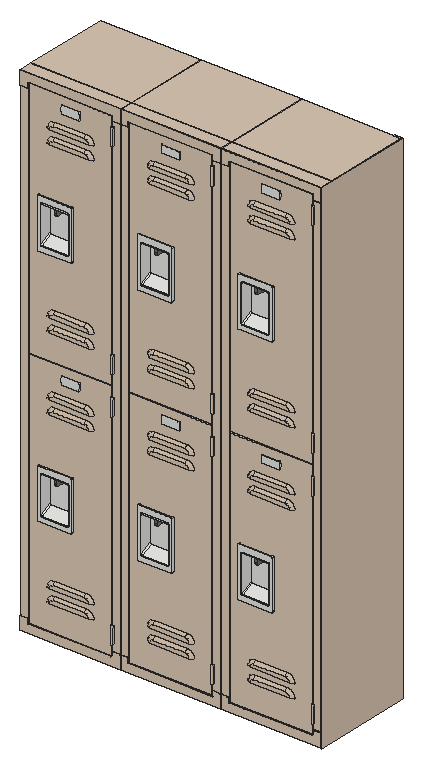
Revit family "Locker_SalsburyInd_Metal-2-Tier-Triple", category Specialty Equipment, Revit 2026 (continued)
Definition of nested family "Metal Locker Doors_TwoTier"
  Dimensions and locks (in)
    aligned and locked: plane 15 "Bottom of Bottom Vent 1" to Blend 6
    aligned and locked: plane 16 "Bottom of Bottom Vent 2" to Blend 7
    aligned and locked: plane 17 "Bottom of Bottom Vent 3" to Blend 8
    aligned and locked: plane 18 "Bottom of Bottom Vent 4" to Blend 9
    aligned and locked: plane 19 "Top of Hasp Alignment" to Extrusion 11 sketch curve
    aligned and locked: plane 21 "Bottom of Hasp Alignment" to Extrusion 11 sketch curve
    aligned and locked: plane 22 "Right Side of Hasp Alignment" to Extrusion 11 sketch curve
    aligned and locked: plane 20 "Left Side of Hasp Alignment" to Extrusion 11 sketch curve
    aligned and locked: plane 25 "Front of Louvers" to Extrusion 11
    aligned and locked: plane 25 "Front of Louvers" to Extrusion 12
    aligned and locked: plane 25 "Front of Louvers" to Blend 13
    aligned and locked: plane 25 "Front of Louvers" to Blend 14
  Automatic sketch dimensions
    plane 23 "Left Side of Louvers" to Blend 2 sketch curve = 0.000"
    Blend 2 sketch curve to plane 11 "Top of Top Vent 1" = 0.000"
    plane 23 "Left Side of Louvers" to Blend 3 sketch curve = 0.000"
    Blend 3 sketch curve to plane 12 "Top of Top Vent 2" = 0.000"
    plane 23 "Left Side of Louvers" to Blend 4 sketch curve = 0.000"
    Blend 4 sketch curve to plane 13 "Top of Top Vent 3" = 0.000"
    plane 23 "Left Side of Louvers" to Blend 5 sketch curve = 0.000"
    Blend 5 sketch curve to plane 14 "Top of Top Vent 4" = 0.000"
    Blend 6 sketch curve to plane 15 "Bottom of Bottom Vent 1" = 0.000"  (x2)
    plane 23 "Left Side of Louvers" to Blend 6 sketch curve = 0.000"
    Blend 7 sketch curve to plane 16 "Bottom of Bottom Vent 2" = 0.000"  (x2)
    plane 23 "Left Side of Louvers" to Blend 7 sketch curve = 0.000"
    Blend 8 sketch curve to plane 17 "Bottom of Bottom Vent 3" = 0.000"  (x2)
    plane 23 "Left Side of Louvers" to Blend 8 sketch curve = 0.000"
    Blend 9 sketch curve to plane 18 "Bottom of Bottom Vent 4" = 0.000"  (x2)
    plane 23 "Left Side of Louvers" to Blend 9 sketch curve = 0.000"
    Extrusion 10 sketch curve to plane 3 "Center (Left/Right)" = 0.000"  (x2)
    plane 23 "Left Side of Louvers" to Extrusion 10 sketch curve = 0.14094"
    Extrusion 10 sketch curve to plane 24 "Right Side of Louvers" = 0.14094"
    plane 14 "Top of Top Vent 4" to Extrusion 10 sketch curve = 7.75754"
    plane 32 "Top of Hinge 1" to Extrusion 10 sketch curve = 0.31079"  (x2)
    Extrusion 10 sketch curve to plane 5 "Top of Door" = 12.81272"
    Extrusion 10 sketch curve to plane 26 = 0.02553"  (x2)
    plane 27 to Extrusion 10 sketch curve = 0.02553"
    Extrusion 10 sketch curve to plane 28 = 0.03897"
    Extrusion 15 sketch curve to plane 8 "Front of Door" = 0.000"
    plane 19 "Top of Hasp Alignment" to Extrusion 15 sketch curve = 0.76563"
    Extrusion 15 sketch curve to Extrusion 15 sketch curve = 0.68188"  (x2)
    Extrusion 15 sketch curve to plane 9 "Back of Door" = 0.060"
    Extrusion 15 sketch curve to plane 1 "Center (Front/Back)" = 0.030"
    Extrusion 15 sketch curve to plane 4 "Center (Top/Bottom)" = 0.51547"
    plane 9 "Back of Door" to Extrusion 15 sketch curve = 0.11225"
    Extrusion 15 sketch curve to Extrusion 15 sketch curve = 0.17225"
    Extrusion 15 sketch curve to Extrusion 15 sketch curve = 0.17159"
    Extrusion 16 sketch curve to plane 1 "Center (Front/Back)" = 0.0313"
    plane 19 "Top of Hasp Alignment" to Extrusion 16 sketch curve = 1.09935"
    plane 8 "Front of Door" to Extrusion 17 sketch curve = 0.000"
    Extrusion 17 sketch curve to plane 25 "Front of Louvers" = 0.0625"
    plane 6 "Right Side of Door" to Extrusion 17 sketch curve = 0.000"
    Extrusion 17 sketch curve to plane 6 "Right Side of Door" = 0.125"
    plane 8 "Front of Door" to Extrusion 18 sketch curve = 0.000"
    Extrusion 18 sketch curve to plane 25 "Front of Louvers" = 0.0625"
    plane 6 "Right Side of Door" to Extrusion 18 sketch curve = 0.000"
    Extrusion 18 sketch curve to plane 6 "Right Side of Door" = 0.125"
    plane 8 "Front of Door" to Extrusion 19 sketch curve = 0.000"
    Extrusion 19 sketch curve to plane 25 "Front of Louvers" = 0.0625"
    plane 6 "Right Side of Door" to Extrusion 19 sketch curve = 0.000"
    Extrusion 19 sketch curve to plane 6 "Right Side of Door" = 0.125"
    Extrusion 11 sketch curve to plane 20 "Left Side of Hasp Alignment" = 0.09701"
    Extrusion 11 sketch curve to plane 20 "Left Side of Hasp Alignment" = 0.09782"
    Extrusion 11 sketch curve to plane 21 "Bottom of Hasp Alignment" = 0.1062"
    Extrusion 11 sketch curve to Extrusion 11 sketch curve = 0.10454"
    Blend 14 sketch curve to Blend 14 sketch curve = 0.13792"  (x8)
    plane 4 "Center (Top/Bottom)" to Blend 14 sketch curve = 1.46708"
    Blend 14 sketch curve to plane 21 "Bottom of Hasp Alignment" = 0.77855"
    Blend 13 sketch curve to Blend 13 sketch curve = 0.13792"  (x8)
    Blend 13 sketch curve to plane 21 "Bottom of Hasp Alignment" = 1.3125"
    plane 19 "Top of Hasp Alignment" to Blend 13 sketch curve = 0.88792"  (x2)
    Blend 13 sketch curve to plane 21 "Bottom of Hasp Alignment" = 0.625"
    Extrusion 12 sketch curve to Extrusion 12 sketch curve = 0.13792"  (x2)
    Extrusion 12 sketch curve to Extrusion 12 sketch curve = 0.11942"  (x2)
    Extrusion 12 sketch curve to plane 21 "Bottom of Hasp Alignment" = 0.625"
    Blend 2 sketch curve to plane 23 "Left Side of Louvers" = 0.43258"
    Blend 2 sketch curve to plane 12 "Top of Top Vent 2" = 0.72344"
    Blend 3 sketch curve to plane 23 "Left Side of Louvers" = 0.43258"
    Blend 3 sketch curve to plane 13 "Top of Top Vent 3" = 0.72344"
    Blend 4 sketch curve to plane 23 "Left Side of Louvers" = 0.43258"
    Blend 4 sketch curve to plane 14 "Top of Top Vent 4" = 0.72344"
    Blend 5 sketch curve to plane 23 "Left Side of Louvers" = 0.43258"
    plane 14 "Top of Top Vent 4" to Blend 5 sketch curve = 0.90156"
    Blend 6 sketch curve to plane 23 "Left Side of Louvers" = 0.43258"
    Blend 7 sketch curve to plane 23 "Left Side of Louvers" = 0.43258"
    Blend 8 sketch curve to plane 23 "Left Side of Louvers" = 0.43258"
    Blend 9 sketch curve to plane 23 "Left Side of Louvers" = 0.43258"
    radius of Extrusion 16 sketch curve = 0.200"
Definition of nested family "ML_Front Base"
  Parameters (values of type "Front Leg Cover")
    Width [instance] = Locker Width - 2.000"  # 10.000"
    Visible = yes
    Version = "1.0 (11/30/15)"
    Type Comments = "Front Base for Standard Metal Lockers"
    Model = ""
    MasterFormat Title = ""
    MasterFormat Number = ""
    Manufacturer = "Salsbury Industries"
    Locker Width [instance] = 12.000"
    Finish [instance] = none
    Description = "Front Base"
    Depth = 1.185"
    Height = 6.000"
    Default Elevation = 0.000"
    Assembly Code = ""
  Types (2): name | Visible
    None | no
    Front Leg Cover | yes
  Reference planes (in)
    plane 1 "Center (Front/Back)": y = -5.417
    plane 2: z = 0
    plane 3 "Center (Left/Right)": x = 0
    plane 4 "Floor": z = 0
    plane 5 "Top of Enclosure": z = 6
    plane 6 "Front of Enclosure": y = -6.005
    plane 7 "Right Side of Enclosure": x = 5
    plane 8 "Left Side of Enclosure": x = -5
    plane 9 "Back of Enclosure": y = -4.82
  Forms (in)
    Extrusion 1, solid, material <- "Finish", visible <- "Visible"
      sketch origin (0, -6.005, 0) x (1, 0, 0) y (0, 0, 1)
        loop
          line (-5, 6) -> (-5, 0) -> (5, 0) -> (5, 6) -> (-5, 6)
      from -1.185 to 0
  Dimensions and locks (in)
    "Height": plane 5 "Top of Enclosure" to plane 4 "Floor"
    plane 6 "Front of Enclosure" to plane 1 "Center (Front/Back)" = 0.588"
    "Depth": plane 6 "Front of Enclosure" to plane 9 "Back of Enclosure"
    equal spacing: plane 8 "Left Side of Enclosure", plane 3 "Center (Left/Right)", plane 7 "Right Side of Enclosure"
    "Width": plane 8 "Left Side of Enclosure" to plane 7 "Right Side of Enclosure"
    aligned and locked: level to plane 2
    aligned and locked: Extrusion 1 to plane 7 "Right Side of Enclosure"
  Automatic sketch dimensions
    Extrusion 1 sketch curve to Extrusion 1 sketch curve = 10.000"
    Extrusion 1 sketch curve to Extrusion 1 sketch curve = 6.000"
    Extrusion 1 sketch curve to level = 0.000"
    plane 8 "Left Side of Enclosure" to Extrusion 1 sketch curve = 0.000"
Definition of nested family "ML_Base Type"
  Parameters (values of type "No Legs")
    Zee = no
    Width [instance] = 12.000"
    Version = "1.0 (11/30/15)"
    Type Comments = "No Legs"
    Model = "n/a"
    MasterFormat Title = ""
    MasterFormat Number = ""
    Manufacturer = "Salsbury Industries"
    Legs = no
    Finish [instance] = none
    Description = ""
    Depth [instance] = 12.010"
    Default Elevation = 0.000"
    Assembly Code = ""
  Types (3): name | Zee | Width | Legs
    No Legs | no | 12.000" | no
    Legs | no | 12.040" | yes
    Zee | yes | 12.040" | no
  Reference planes (in)
    plane 1 "Center (Front/Back)": y = 0
    plane 2: z = 0
    plane 3 "Center (Left/Right)": x = 0
    plane 4 "Floor": z = 0
    plane 5 "Left Side of Unit": x = -6
    plane 6 "Right Side of Unit": x = 6
    plane 7 "Back of Unit": y = 6.005
    plane 8 "Front of Unit": y = -6.005
    plane 9 "Right Side of Door Opening": x = 5.12
    plane 10 "Left Side of Door Opening": x = -5.12
    plane 11 "Back Edge of Front Facing": y = -4.417
    plane 12 "Inside Edge of Front Leg": x = -4.56
    plane 13 "Inside Edge of Right Leg": x = 4.56
    plane 14: y = -4.82
    plane 15 "Back Edge of Rear Legs": y = 6.005
    plane 16 "Right Edge of Rear Right Leg": x = 6
    plane 17 "Left Edge or Rear Left Leg": x = -6
    plane 18: y = 5.005
    plane 19 "Inside Edge or Rear Right Leg": x = 5
    plane 20 "Inside Edge or Left Rear Leg": x = -5
  Forms (in)
    Extrusion 1, solid, material <- "Finish", visible <- "Legs"
      sketch origin (0, 0, 0) x (0, -1, 0) y (1, 0, 0)
        loop
          line (4.417, 6) -> (4.417, 5.94) -> (5.945, 5.94) -> (5.945, 5.06) -> (4.76, 5.06) -> (4.76, 4.56) -> (4.82, 4.56) -> (4.82, 5) -> (6.005, 5) -> (6.005, 6) -> (4.417, 6)
      from 0 to 6
    Extrusion 2, solid, material <- "Finish", visible <- "Legs"
      sketch origin (0, 0, 0) x (0, -1, 0) y (1, 0, 0)
        loop
          line (4.417, -6) -> (6.005, -6) -> (6.005, -5) -> (4.82, -5) -> (4.82, -4.56) -> (4.76, -4.56) -> (4.76, -5.06) -> (5.945, -5.06) -> (5.945, -5.94) -> (4.417, -5.94) -> (4.417, -6)
      from 0 to 6
    Extrusion 3, solid, material <- "Finish", visible <- "Legs"
      sketch origin (0, 0, 0) x (0, -1, 0) y (1, 0, 0)
        loop
          line (-6.005, 6) -> (-6.005, 5) -> (-5.945, 5) -> (-5.945, 5.94) -> (-5.005, 5.94) -> (-5.005, 6) -> (-6.005, 6)
      from 0.06 to 6.185
    Extrusion 4, solid, material <- "Finish", visible <- "Zee"
      sketch origin (0, 0, 0) x (0, -1, 0) y (1, 0, 0)
        loop
          line (-6.005, 6) -> (-6.005, 5) -> (-5.005, 5) -> (-5.005, 6) -> (-6.005, 6)
      from 0 to 0.06
    Extrusion 5, solid, material <- "Finish", visible <- "Legs"
      sketch origin (0, 0, 0) x (0, -1, 0) y (1, 0, 0)
        loop
          line (-6.005, -6) -> (-5.005, -6) -> (-5.005, -5.94) -> (-5.945, -5.94) -> (-5.945, -5) -> (-6.005, -5) -> (-6.005, -6)
      from 0.06 to 6.185
    Extrusion 6, solid, material <- "Finish", visible <- "Zee"
      sketch origin (0, 0, 0) x (0, -1, 0) y (1, 0, 0)
        loop
          line (-6.005, -6) -> (-5.005, -6) -> (-5.005, -5) -> (-6.005, -5) -> (-6.005, -6)
      from 0 to 0.06
    Extrusion 7, solid, material <- "Finish", visible <- "Zee"
      sketch origin (0, 0, 0) x (0, -1, 0) y (1, 0, 0)
        loop
          line (-6.005, 6) -> (-6.005, 5) -> (-5.945, 5) -> (-5.945, 5.94) -> (-5.005, 5.94) -> (-5.005, 6) -> (-6.005, 6)
      from 0.06 to 4.185
    Extrusion 8, solid, material <- "Finish", visible <- "Legs"
      sketch origin (0, 0, 0) x (0, -1, 0) y (1, 0, 0)
        loop
          line (-6.005, 6) -> (-6.005, 5) -> (-5.005, 5) -> (-5.005, 6) -> (-6.005, 6)
      from 0 to 0.06
    Extrusion 9, solid, material <- "Finish", visible <- "Zee"
      sketch origin (0, 0, 0) x (0, -1, 0) y (1, 0, 0)
        loop
          line (-6.005, -6) -> (-5.005, -6) -> (-5.005, -5.94) -> (-5.945, -5.94) -> (-5.945, -5) -> (-6.005, -5) -> (-6.005, -6)
      from 0.06 to 4.185
    Extrusion 10, solid, material <- "Finish", visible <- "Legs"
      sketch origin (0, 0, 0) x (0, -1, 0) y (1, 0, 0)
        loop
          line (-6.005, -6) -> (-5.005, -6) -> (-5.005, -5) -> (-6.005, -5) -> (-6.005, -6)
      from 0 to 0.06
    Extrusion 11, solid, material <- "Finish", visible <- "Zee"
      sketch origin (0, 0, 0) x (0, 1, 0) y (0, 0, 1)
        loop
          line (-6.005, 4) -> (-6.005, 3.94) -> (-4.417, 3.94) -> (-4.417, 0) -> (-2.769, 0) -> (-2.769, 0.06) -> (-4.357, 0.06) -> (-4.357, 4) -> (-6.005, 4)
      from -6 to 6
  Dimensions and locks (in)
    equal spacing: plane 5 "Left Side of Unit", plane 3 "Center (Left/Right)", plane 6 "Right Side of Unit"
    "Width": plane 5 "Left Side of Unit" to plane 6 "Right Side of Unit"
    equal spacing: plane 8 "Front of Unit", plane 1 "Center (Front/Back)", plane 7 "Back of Unit"
    "Depth": plane 8 "Front of Unit" to plane 7 "Back of Unit"
    plane 5 "Left Side of Unit" to plane 10 "Left Side of Door Opening" = 0.880"
    plane 9 "Right Side of Door Opening" to plane 6 "Right Side of Unit" = 0.880"
    locked: plane 8 "Front of Unit" to plane 11 "Back Edge of Front Facing" at 1.588
    plane 10 "Left Side of Door Opening" to plane 12 "Inside Edge of Front Leg" = 0.560"
    plane 13 "Inside Edge of Right Leg" to plane 9 "Right Side of Door Opening" = 0.560"
    plane 8 "Front of Unit" to plane 14 = 1.185"
    plane 13 "Inside Edge of Right Leg" to plane 19 "Inside Edge or Rear Right Leg" to plane 9 "Right Side of Door Opening" to plane 16 "Right Edge of Rear Right Leg" to plane 6 "Right Side of Unit" = 0.440", 0.120", 0.880", 0.000"
    plane 5 "Left Side of Unit" to plane 17 "Left Edge or Rear Left Leg" to plane 10 "Left Side of Door Opening" to plane 20 "Inside Edge or Left Rear Leg" to plane 12 "Inside Edge of Front Leg" = 0.000", 0.880", 0.120", 0.440"
    plane 18 to plane 15 "Back Edge of Rear Legs" to plane 7 "Back of Unit" = 1.000" locked, 0.000" locked
    aligned and locked: level to plane 2
    aligned and locked: Extrusion 3 to Extrusion 4
    aligned and locked: Extrusion 6 to Extrusion 5
    aligned and locked: Extrusion 3 to plane 16 "Right Edge of Rear Right Leg"
    aligned and locked: Extrusion 3 to plane 15 "Back Edge of Rear Legs"
    aligned and locked: Extrusion 5 to plane 17 "Left Edge or Rear Left Leg"
    aligned and locked: Extrusion 5 to plane 15 "Back Edge of Rear Legs"
    aligned and locked: Extrusion 7 to Extrusion 8
    aligned and locked: Extrusion 10 to Extrusion 9
    aligned and locked: Extrusion 11 to plane 6 "Right Side of Unit"
    aligned and locked: plane 5 "Left Side of Unit" to Extrusion 11
  Automatic sketch dimensions
    plane 15 "Back Edge of Rear Legs" to Extrusion 3 sketch curve = 0.000"
    Extrusion 3 sketch curve to plane 19 "Inside Edge or Rear Right Leg" = 0.000"
    Extrusion 3 sketch curve to plane 16 "Right Edge of Rear Right Leg" = 0.000"
    plane 18 to Extrusion 3 sketch curve = 0.000"
    plane 15 "Back Edge of Rear Legs" to Extrusion 3 sketch curve = 0.060"
    plane 16 "Right Edge of Rear Right Leg" to Extrusion 3 sketch curve = 0.060"
    plane 15 "Back Edge of Rear Legs" to Extrusion 4 sketch curve = 0.000"
    Extrusion 4 sketch curve to plane 16 "Right Edge of Rear Right Leg" = 0.000"
    plane 18 to Extrusion 4 sketch curve = 0.000"
    Extrusion 4 sketch curve to plane 19 "Inside Edge or Rear Right Leg" = 0.000"
    plane 15 "Back Edge of Rear Legs" to Extrusion 5 sketch curve = 0.000"
    Extrusion 5 sketch curve to plane 20 "Inside Edge or Left Rear Leg" = 0.000"
    Extrusion 5 sketch curve to plane 17 "Left Edge or Rear Left Leg" = 0.000"
    plane 18 to Extrusion 5 sketch curve = 0.000"
    Extrusion 5 sketch curve to plane 15 "Back Edge of Rear Legs" = 0.060"
    Extrusion 5 sketch curve to plane 17 "Left Edge or Rear Left Leg" = 0.060"
    plane 15 "Back Edge of Rear Legs" to Extrusion 6 sketch curve = 0.000"
    Extrusion 6 sketch curve to plane 17 "Left Edge or Rear Left Leg" = 0.000"
    plane 18 to Extrusion 6 sketch curve = 0.000"
    Extrusion 6 sketch curve to plane 20 "Inside Edge or Left Rear Leg" = 0.000"
    plane 15 "Back Edge of Rear Legs" to Extrusion 7 sketch curve = 0.000"
    Extrusion 7 sketch curve to plane 19 "Inside Edge or Rear Right Leg" = 0.000"
    Extrusion 7 sketch curve to plane 16 "Right Edge of Rear Right Leg" = 0.000"
    plane 18 to Extrusion 7 sketch curve = 0.000"
    plane 15 "Back Edge of Rear Legs" to Extrusion 7 sketch curve = 0.060"
    plane 16 "Right Edge of Rear Right Leg" to Extrusion 7 sketch curve = 0.060"
    plane 15 "Back Edge of Rear Legs" to Extrusion 8 sketch curve = 0.000"
    Extrusion 8 sketch curve to plane 16 "Right Edge of Rear Right Leg" = 0.000"
    plane 18 to Extrusion 8 sketch curve = 0.000"
    Extrusion 8 sketch curve to plane 19 "Inside Edge or Rear Right Leg" = 0.000"
    plane 15 "Back Edge of Rear Legs" to Extrusion 9 sketch curve = 0.000"
    Extrusion 9 sketch curve to plane 20 "Inside Edge or Left Rear Leg" = 0.000"
    Extrusion 9 sketch curve to plane 17 "Left Edge or Rear Left Leg" = 0.000"
    plane 18 to Extrusion 9 sketch curve = 0.000"
    Extrusion 9 sketch curve to plane 15 "Back Edge of Rear Legs" = 0.060"
    Extrusion 9 sketch curve to plane 17 "Left Edge or Rear Left Leg" = 0.060"
    plane 15 "Back Edge of Rear Legs" to Extrusion 10 sketch curve = 0.000"
    Extrusion 10 sketch curve to plane 17 "Left Edge or Rear Left Leg" = 0.000"
    plane 18 to Extrusion 10 sketch curve = 0.000"
    Extrusion 10 sketch curve to plane 20 "Inside Edge or Left Rear Leg" = 0.000"
    Extrusion 11 sketch curve to plane 8 "Front of Unit" = 0.000"
    Extrusion 11 sketch curve to level = 0.000"
    Extrusion 11 sketch curve to plane 11 "Back Edge of Front Facing" = 0.000"
    Extrusion 11 sketch curve to plane 11 "Back Edge of Front Facing" = 0.060"
    Extrusion 11 sketch curve to Extrusion 11 sketch curve = 1.588"
    level to Extrusion 11 sketch curve = 0.060"
    Extrusion 11 sketch curve to Extrusion 11 sketch curve = 0.060"
    Extrusion 11 sketch curve to Extrusion 11 sketch curve = 3.880"
    plane 11 "Back Edge of Front Facing" to Extrusion 2 sketch curve = 0.000"
    Extrusion 2 sketch curve to plane 12 "Inside Edge of Front Leg" = 0.000"
    plane 14 to Extrusion 2 sketch curve = 0.000"
    Extrusion 2 sketch curve to plane 5 "Left Side of Unit" = 0.000"
    plane 8 "Front of Unit" to Extrusion 2 sketch curve = 0.000"
    Extrusion 2 sketch curve to plane 20 "Inside Edge or Left Rear Leg" = 0.000"
    plane 14 to Extrusion 2 sketch curve = 0.060"
    plane 8 "Front of Unit" to Extrusion 2 sketch curve = 0.060"
    plane 10 "Left Side of Door Opening" to Extrusion 2 sketch curve = 0.060"
    plane 5 "Left Side of Unit" to Extrusion 2 sketch curve = 0.060"
    plane 11 "Back Edge of Front Facing" to Extrusion 1 sketch curve = 0.000"
    Extrusion 1 sketch curve to plane 13 "Inside Edge of Right Leg" = 0.000"
    plane 14 to Extrusion 1 sketch curve = 0.000"
    Extrusion 1 sketch curve to plane 6 "Right Side of Unit" = 0.000"
    plane 8 "Front of Unit" to Extrusion 1 sketch curve = 0.000"
    Extrusion 1 sketch curve to plane 19 "Inside Edge or Rear Right Leg" = 0.000"
    Extrusion 1 sketch curve to plane 14 = 0.060"
    Extrusion 1 sketch curve to plane 8 "Front of Unit" = 0.060"
    plane 9 "Right Side of Door Opening" to Extrusion 1 sketch curve = 0.060"
    plane 6 "Right Side of Unit" to Extrusion 1 sketch curve = 0.060"
Definition of nested family "ML_Base Side"
  Parameters (values of type "Zee Base Corner")
    Zee Corner = yes
    Zee = no
    Width including Rivet [instance] = 1.290"
    Leg = no
    Locker Depth [instance] = 12.010"
    Version = "1.0 (11/30/15)"
    Type Comments = "End Base for Standard Metal Lockers"
    Model = ""
    MasterFormat Title = ""
    MasterFormat Number = ""
    Manufacturer = "Salsbury Industries"
    Finish [instance] = none
    Description = ""
    Width = 4.000"
    Height = 4.000"
    Default Elevation = 0.000"
    Assembly Code = ""
  Types (4): name | Zee Corner | Zee | Leg | Locker Depth
    Leg Side Base Cover | no | no | yes | 10.362"
    Zee Base Cover | no | yes | no | 12.010"
    None | yes | no | no | 10.362"
    Zee Base Corner | yes | no | no | 12.010"
  Reference planes (in)
    plane 1 "Center (Front/Back)": y = 0
    plane 2: z = 0
    plane 3 "Center (Left/Right)": x = 3.99
    plane 4 "Floor": z = 0
    plane 5 "Locker Edge": x = 5.99
    plane 6 "Left Edge of Enclosure": y = -4.357
    plane 7 "Right Edge of Enclosure": y = 6.005
    plane 8 "Bottom Edge of Enclosure": z = 0.06
    plane 9 "Left Edge of Base": x = 1.99
    plane 10: y = -6.005
  Forms (in)
    Extrusion 1, solid, material <- "Finish", visible <- "Zee"
      sketch origin (0, 0, 0) x (0, -1, 0) y (1, 0, 0)
        loop
          line (-6.005, 1.99) -> (4.357, 1.99) -> (4.357, 5.99) -> (-6.005, 5.99) -> (-6.005, 1.99)
      from 0.06 to 4
    Extrusion 2, solid, material <- "Finish", visible <- "Leg"
      sketch origin (5.99, 0.794, 0) x (0, 0, -1) y (0, -1, 0)
        loop
          line (-6, 5.211) -> (-6, -4.211) -> (-0.06, -4.211) -> (-0.06, 5.211) -> (-6, 5.211)
      from 0 to 1.25
    Extrusion 3, solid, material <- "Finish", visible <- "Zee Corner"
      sketch origin (6.99, -5.357, 0) x (1, 0, 0) y (0, 1, 0)
        loop
          line (-1, 1) -> (-1, 0.94) -> (0.94, 0.94) -> (0.94, -1) -> (1, -1) -> (1, 1) -> (-1, 1)
      from 0 to 3.94
  Dimensions and locks (in)
    "Width": plane 9 "Left Edge of Base" to plane 5 "Locker Edge"
    equal spacing: plane 9 "Left Edge of Base", plane 3 "Center (Left/Right)", plane 5 "Locker Edge"
    locked: plane 4 "Floor" to plane 8 "Bottom Edge of Enclosure" at 0.06
    equal spacing: plane 10, plane 1 "Center (Front/Back)", plane 7 "Right Edge of Enclosure"
    "Locker Depth": plane 10 to plane 7 "Right Edge of Enclosure"
    locked: plane 6 "Left Edge of Enclosure" to plane 10 at 1.648
    locked: plane 10 to Extrusion 2 sketch curve at 1.588
    locked: Extrusion 2 sketch curve to plane 7 "Right Edge of Enclosure" at 1
    aligned and locked: level to plane 2
    aligned and locked: Extrusion 1 to plane 7 "Right Edge of Enclosure"
    aligned and locked: plane 8 "Bottom Edge of Enclosure" to Extrusion 1
    aligned and locked: Extrusion 1 sketch curve to plane 9 "Left Edge of Base"
  Automatic sketch dimensions
    Extrusion 1 sketch curve to plane 5 "Locker Edge" = 0.000"
    plane 7 "Right Edge of Enclosure" to Extrusion 1 sketch curve = 0.000"
    Extrusion 1 sketch curve to plane 6 "Left Edge of Enclosure" = 0.000"
    level to Extrusion 2 sketch curve = 0.060"
    Extrusion 2 sketch curve to plane 8 "Bottom Edge of Enclosure" = 5.940"
    Extrusion 3 sketch curve to plane 5 "Locker Edge" = 0.000"
    plane 6 "Left Edge of Enclosure" to Extrusion 3 sketch curve = 0.000"
    plane 6 "Left Edge of Enclosure" to Extrusion 3 sketch curve = 0.060"
    Extrusion 3 sketch curve to Extrusion 3 sketch curve = 1.940"
    Extrusion 3 sketch curve to Extrusion 3 sketch curve = 0.060"
    Extrusion 3 sketch curve to plane 10 = 0.352"
Definition of nested family "ML_Front Filler"
  Parameters (values of type "Width as Specified")
    Width [instance] = 9.000"
    Visible = yes
    Version = "1.0 (11/30/15)"
    Type Comments = "Vertical Front Filler for Standard Metal Lockers"
    Model = ""
    MasterFormat Title = ""
    MasterFormat Number = ""
    Manufacturer = "Salsbury Industries"
    Height [instance] = 60.000"
    Finish [instance] = none
    Description = "Vertical Front Filler"
    Depth = 1.000"
    Default Elevation = 48.000"
    Base Height [instance] = 3.000"
    Assembly Code = ""
  Types (2): name | Width | Visible | Model | Height | Description | Depth
    None | 15.000" | no | "n/a" | 78.000" | "" | 1.500"
    Width as Specified | 9.000" | yes | "" | 60.000" | "Vertical Front Filler" | 1.000"
  Reference planes (in)
    plane 1 "Center (Front/Back)": y = -2.167
    plane 2: z = 0
    plane 3 "Center (Left/Right)": x = -4.595
    plane 4 "Bottom of Filler": z = 0
    plane 5 "Top of Panel": z = 63
    plane 6 "Front of Filler": y = -2.667
    plane 7 "Right Side of Filler": x = -0.095
    plane 8 "Left Side of Filler": x = -9.095
    plane 9 "Back of Filler": y = -1.667
    plane 10: z = 33
    plane 11: z = 3
  Forms (in)
    Extrusion 1, solid, material <- "Finish", visible <- "Visible"
      sketch origin (0, 0, 0) x (0, -1, 0) y (1, 0, 0)
        loop
          line (1.667, -9.095) -> (2.667, -9.095) -> (2.667, -1.095) -> (2.619, -1.095) -> (2.619, -9.047) -> (1.667, -9.047) -> (1.667, -9.095)
      from 0 to 63
    Extrusion 2, solid, material <- "Finish", visible <- "Visible"
      sketch origin (0, -0.20425, 0) x (0, -1, 0) y (1, 0, 0)
        loop
          line (1.55875, -0.095) -> (1.55875, -0.143) -> (2.51075, -0.143) -> (2.51075, -0.82524) -> (2.36675, -0.82524) -> (2.36675, -1.80024) -> (2.41475, -1.80024) -> (2.41475, -1.095) -> (2.46275, -1.095) -> (2.46275, -1.595) -> (2.55875, -1.595) -> (2.55875, -0.095) -> (1.55875, -0.095)
      from 0 to 63
  Dimensions and locks (in)
    equal spacing: plane 6 "Front of Filler", plane 1 "Center (Front/Back)", plane 9 "Back of Filler"
    "Depth": plane 6 "Front of Filler" to plane 9 "Back of Filler"
    equal spacing: plane 8 "Left Side of Filler", plane 3 "Center (Left/Right)", plane 7 "Right Side of Filler"
    "Width": plane 8 "Left Side of Filler" to plane 7 "Right Side of Filler"
    "Height": plane 5 "Top of Panel" to plane 11
    equal spacing: plane 5 "Top of Panel", plane 10, plane 11
    "Base Height": plane 11 to level
    locked: Extrusion 1 sketch curve to plane 7 "Right Side of Filler" at 1
    Extrusion 2 sketch curve to Extrusion 2 sketch curve to Extrusion 2 sketch curve to Extrusion 2 sketch curve to plane 7 "Right Side of Filler" = 0.20524" locked, 0.500" locked, 0.26976" locked, 0.73024" locked
    aligned and locked: level to plane 2
    aligned and locked: Extrusion 1 to plane 5 "Top of Panel"
    aligned and locked: Extrusion 2 to plane 5 "Top of Panel"
  Automatic sketch dimensions
    plane 9 "Back of Filler" to Extrusion 1 sketch curve = 0.000"
    plane 6 "Front of Filler" to Extrusion 1 sketch curve = 0.000"
    Extrusion 1 sketch curve to plane 8 "Left Side of Filler" = 0.000"
    Extrusion 1 sketch curve to plane 6 "Front of Filler" = 0.048"
    Extrusion 1 sketch curve to Extrusion 1 sketch curve = 0.048"
    Extrusion 2 sketch curve to plane 7 "Right Side of Filler" = 0.000"
    plane 6 "Front of Filler" to Extrusion 2 sketch curve = 0.000"
    Extrusion 2 sketch curve to plane 6 "Front of Filler" = 0.048"
    Extrusion 2 sketch curve to Extrusion 2 sketch curve = 0.048"  (x2)
    plane 9 "Back of Filler" to Extrusion 2 sketch curve = 0.096"
    Extrusion 2 sketch curve to Extrusion 2 sketch curve = 0.096"
    plane 7 "Right Side of Filler" to Extrusion 2 sketch curve = 0.048"
Definition of nested family "ML_Top Filler"
  Parameters (values of type "Flat Top In-Line")
    Width [instance] = 15.000"
    Version = "1.0 (11/30/15)"
    Type Comments = "Flat Top In-Line Filler for Standard Metal Lockers"
    Sloped Height [instance] = if(Depth = 12.000", 6.625", if(Depth = 15.000", 8.682", if(Depth = 18.000", 10.739", 0.000")))  # 6.625"
    SlopeInline = no
    SlopeCorner = no
    Model = ""
    MasterFormat Title = ""
    MasterFormat Number = ""
    Manufacturer = "Salsbury Industries"
    FlatInline = yes
    FlatCorner = no
    Finish [instance] = none
    Description = "Flat Top In-Line Filler"
    Depth [instance] = 12.000"
    Default Elevation = 48.000"
    Corner Width [instance] = Depth + 0.625"  # 12.625"
    Assembly Code = ""
  Types (5): name | Type Comments | SlopeInline | SlopeCorner | FlatInline | FlatCorner | Description
    None | "Top Filler for Standard Metal Lockers" | no | no | no | no | "Top Filler"
    Sloped In-Line | "Sloping Hood In-Line Filler for Standard Metal Lockers" | yes | no | no | no | "Sloping Hood In-Line Filler"
    Flat Top In-Line | "Flat Top In-Line Filler for Standard Metal Lockers" | no | no | yes | no | "Flat Top In-Line Filler"
    Flat Top Corner | "Flat Top Corner Filler for Standard Metal Lockers" | no | no | no | yes | "Flat Top Corner Filler"
    Sloped Corner | "Sloping Hood Corner Filler for Standard Metal Lockers" | no | yes | no | no | "Sloping Hood Corner Filler"
  Reference planes (in)
    plane 1 "Center (Front/Back)": y = -2.167
    plane 2: z = 0
    plane 3 "Center (Left/Right)": x = -4.595
    plane 4 "Bottom of Panel": z = 0
    plane 5 "Front of Panel": y = -8.167
    plane 6 "Right Side of Enclosure": x = 10.405
    plane 7 "Back of Panel": y = 3.833
    plane 8: z = 6.625
    plane 9: y = -8.2295
    plane 10: x = -5.22
  Forms (in)
    Extrusion 1, solid, material <- "Finish", visible <- "SlopeInline"
      sketch origin (-4.595, 0, 0) x (0, 1, 0) y (0, 0, 1)
        loop
          line (-8.2775, 0.04551) -> (-8.2775, -1.028) -> (-8.2295, -1.028) -> (-8.2295, 0) -> (3.833, 6.625) -> (3.833, 6.69688) -> (-8.2775, 0.04551)
      from 0 to 15
    Extrusion 2, solid, material <- "Finish", visible <- "FlatInline"
      sketch origin (-4.595, 0.26285, 0) x (0, 1, 0) y (0, 0, 1)
        loop
          line (-8.54035, -1.028) -> (-8.49235, -1.028) -> (-8.49235, 0) -> (3.57015, 0) -> (3.57015, 0.048) -> (-8.54035, 0.048) -> (-8.54035, -1.028)
      from 0 to 15
    Extrusion 3, solid, material <- "Finish", visible <- "FlatCorner"
      sketch origin (6.3125, -0.3125, 0) x (0, -1, 0) y (1, 0, 0)
        loop
          line (7.8545, -11.5325) -> (7.8545, -10.9075) -> (8.4795, -10.9075) -> (8.4795, 1.0925) -> (-4.1455, 1.0925) -> (-4.1455, -11.5325) -> (7.8545, -11.5325)
      from 0 to 0.048
    Extrusion 4, solid, material <- "Finish", visible <- "SlopeCorner"
      sketch origin (-5.22, -180, 0.048) x (0, 0, 1) y (0, -1, 0)
        loop
          line (-0.00249, -171.7225) -> (-0.048, -171.7225) -> (-0.048, -171.7705) -> (6.577, -183.833) -> (6.64888, -183.833) -> (-0.00249, -171.7225)
      from 0 to 12.625 <- "Corner Width"
    Extrusion 5, solid, material <- "Finish", visible <- "SlopeCorner"
      sketch origin (0.34565, 3.833, -4.20312) x (0, 0, -1) y (1, 0, 0)
        loop
          line (-4.24872, -5.05115) -> (-4.20312, -5.05115) -> (-4.20312, -5.00315) -> (-10.82812, 7.05935) -> (-10.90008, 7.05935) -> (-4.24872, -5.05115)
      from 0 to 12.625 <- "Corner Width"
    Extrusion 6, void
      sketch origin (0, 0, 0) x (0, -1, 0) y (1, 0, 0)
        loop
          line (-3.833, -5.22) -> (8.792, -5.22) -> (-3.833, 7.405) -> (-3.833, -5.22)
      from -1.028 to 21.6885
    Extrusion 7, void
      sketch origin (3.572, -3.572, 0) x (-1, 0, 0) y (0, -1, 0)
        loop
          line (-3.833, 5.22) -> (-3.833, -7.405) -> (8.2775, 4.7055) -> (8.2775, 5.22) -> (-3.833, 5.22)
      from 19.08316 to -2.57539
  Cuts and joins
    Extrusion 7 cuts Extrusion 4
    Extrusion 6 cuts Extrusion 5
  Dimensions and locks (in)
    equal spacing: plane 5 "Front of Panel", plane 1 "Center (Front/Back)", plane 7 "Back of Panel"
    "Depth": plane 5 "Front of Panel" to plane 7 "Back of Panel"
    "Width": plane 3 "Center (Left/Right)" to plane 6 "Right Side of Enclosure"
    "Sloped Height": plane 8 to level
    locked: plane 9 to plane 5 "Front of Panel" at 0.0625
    locked: Extrusion 1 sketch curve to Extrusion 1 sketch curve at 0.063
    locked: Extrusion 1 sketch curve to plane 9 at 0.048
    Extrusion 2 sketch curve to plane 9 to Extrusion 2 sketch curve = 0.048" locked, 0.000" locked
    "Corner Width": Extrusion 3 sketch curve to plane 7 "Back of Panel"
    "Corner Width": Extrusion 3 sketch curve to Extrusion 3 sketch curve
    locked: Extrusion 3 sketch curve to plane 3 "Center (Left/Right)" at 0.625
    locked: Extrusion 4 sketch curve to plane 9 at 0.048
    locked: Extrusion 4 sketch curve to Extrusion 4 sketch curve at 0.063
    locked: plane 3 "Center (Left/Right)" to plane 10 at 0.625
    "Corner Width": plane 10 to Extrusion 6 sketch curve
    "Corner Width": Extrusion 6 sketch curve to plane 7 "Back of Panel"
    "Corner Width": Extrusion 7 sketch curve to plane 7 "Back of Panel"
    "Corner Width": plane 10 to Extrusion 7 sketch curve
    "Corner Width": Extrusion 5 sketch curve to plane 10
    locked: Extrusion 5 sketch curve to Extrusion 5 sketch curve at 0.06308
    plane 3 "Center (Left/Right)" to Extrusion 5 sketch curve to Extrusion 5 sketch curve = 0.0625" locked, 0.048" locked
    locked: Extrusion 7 sketch curve to plane 3 "Center (Left/Right)" at 0.1105
    aligned and locked: level to plane 2
    aligned and locked: Extrusion 1 to plane 6 "Right Side of Enclosure"
    aligned and locked: Extrusion 1 to plane 3 "Center (Left/Right)"
    aligned and locked: plane 8 to Extrusion 1 sketch curve
    aligned and locked: Extrusion 1 sketch curve to plane 7 "Back of Panel"
    aligned and locked: level to Extrusion 1 sketch curve
    aligned and locked: Extrusion 1 sketch curve to plane 9
    aligned and locked: plane 7 "Back of Panel" to Extrusion 2 sketch curve
    aligned and locked: Extrusion 2 to plane 3 "Center (Left/Right)"
    aligned and locked: Extrusion 2 to plane 6 "Right Side of Enclosure"
    aligned and locked: plane 3 "Center (Left/Right)" to Extrusion 3 sketch curve
    aligned and locked: Extrusion 3 sketch curve to plane 5 "Front of Panel"
    aligned and locked: plane 9 to Extrusion 4 sketch curve
    aligned and locked: Extrusion 4 sketch curve to level
    aligned and locked: plane 8 to Extrusion 4 sketch curve
    aligned and locked: plane 7 "Back of Panel" to Extrusion 4 sketch curve
    aligned and locked: Extrusion 5 sketch curve to level
    aligned and locked: Extrusion 6 sketch curve to plane 7 "Back of Panel"
    aligned and locked: Extrusion 6 sketch curve to plane 10
    aligned and locked: plane 8 to Extrusion 5 sketch curve
  Automatic sketch dimensions
    Extrusion 1 sketch curve to level = 1.028"
    Extrusion 2 sketch curve to level = 0.000"
    Extrusion 2 sketch curve to level = 1.028"
    level to Extrusion 2 sketch curve = 0.048"
    plane 7 "Back of Panel" to Extrusion 3 sketch curve = 0.000"
    plane 7 "Back of Panel" to Extrusion 7 sketch curve = 0.000"
    plane 9 to Extrusion 7 sketch curve = 0.048"
